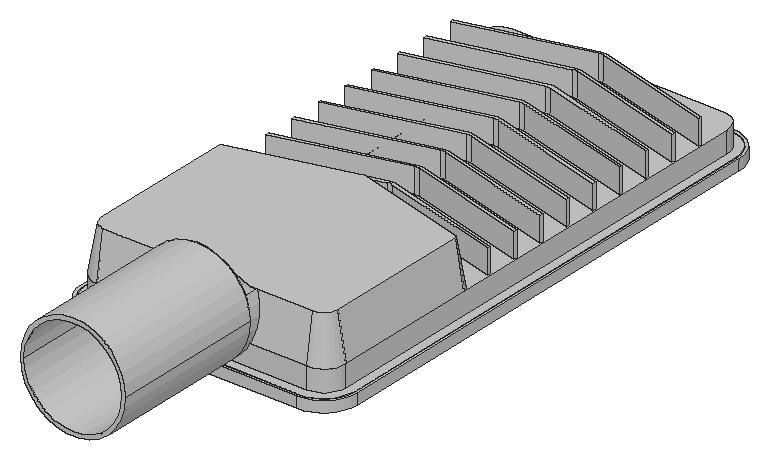
Revit family "NNYC2001288", category 照明器具, Revit 2018
Family settings
  丸型コネクタ寸法 = 直径を使用
  パーツ タイプ = 標準
  OmniClass 番号 = 23.80.70.00
  OmniClass タイトル = Lighting
  作業面ベース = はい
  常に垂直 = いいえ
  ロード時にボイドで切り取り = いいえ
  光源 = はい
  共有 = いいえ
  部屋計算ポイント = いいえ
Parameters (values of type "NNYC2001288")
  built-in parameter 1150110 = 1 (stored number, unit not read)
  長方形の長さに沿って放射 = 103 mm
  長方形の幅に沿って放射 = 154 mm
  built-in parameter 1150133 = 10 (stored number, unit not read)
  Dimming Lamp Color Temperature Shift = (empty or 0)
  説明 = "NNYC2001288"
  製造元 = "Panasonic Corp."
  built-in parameter 1150104 = 13.8 (stored number, unit not read)
  built-in parameter 1150115 = 1 (stored number, unit not read)
  built-in parameter 1150137 = 1
  built-in parameter 1150106 = 52.13 (stored number, unit not read)
  built-in parameter 1150134 = (empty or 0)
  built-in parameter 1150109 = 1 (stored number, unit not read)
  Default Elevation = 0 mm
  built-in parameter 1114218 = 1 (stored number, unit not read)
  built-in parameter 1114217 = 1 (stored number, unit not read)
  built-in parameter 1150102 = (empty or 0)
  built-in parameter 1150107 = 3000 (stored number, unit not read)
  built-in parameter 1150138 = (empty or 0)
  built-in parameter 1150132 = 2
  Lumens = 7200 lm
  built-in parameter 1150105 = 5213 (stored number, unit not read)
  Tilt Angle = 90.00°
  built-in parameter 1150139 = (empty or 0)
  Cost = 63000
  Wattage = 48.4712 W
  Emit Shape Visible in Rendering = no
  built-in parameter 1150112 = 1 (stored number, unit not read)
  built-in parameter 1150114 = 1 (stored number, unit not read)
  Lamp = ""
  モデル = "LED Street Light SP series"
  フォトメトリック Web ファイル = "NNYC2001288.ies"
  タイプの説明 = "Street Light"
  Type Image = (empty or 0)
  built-in parameter 1150113 = 1 (stored number, unit not read)
  Color Filter = 16777215
  Voltage = 230 V
  Width = 0 mm
  URL = "https://panasonic.net/electricworks/lighting/"
  Light Source = Light Source
  Height = 0 mm
  Length = 0 mm
  Body = ADC12
Reference planes
  plane 1 "Light Source Axis (F/B)": y = 0
  plane 2: z = 0
  plane 3 "Light Source Axis (L/R)": x = 0
  plane 4 "Light Source Elevation": z = 0
  plane 5: z = 14
  plane 6: y = 173.528
Forms (mm)
  Extrusion 1, solid, material "ADC12" <- "Body"
    sketch origin (0, 0, 0) x (1, 0, 0) y (0, 0, 1)
      loop
        circle (0, 0) r 32
      loop
        circle (0, 0) r 34.5
    from -101 to 0
  Extrusion 2, solid, material "ADC12" <- "Body"
    sketch origin (0, 0, 0) x (1, 0, 0) y (0, 1, 0)
      loop
        arc (90, 430.481) -> (83.565, 446.016) -> (68.03, 452.451) r 21.97
        line (68.03, 452.451) -> (-69.59, 452.395)
        arc (-69.59, 452.395) -> (-84.107, 445.454) -> (-90, 430.481) r 21.97
        line (-90, 430.481) -> (-90, 119.469)
        arc (-90, 119.469) -> (-84.107, 104.496) -> (-69.59, 97.555) r 21.97
        line (-69.59, 97.555) -> (68.03, 97.499)
        arc (68.03, 97.499) -> (83.565, 103.934) -> (90, 119.469) r 21.97
        line (90, 119.469) -> (90, 430.481)
      loop
        arc (88, 430.481) -> (82.151, 444.602) -> (68.031, 450.451) r 19.97
        line (68.031, 450.451) -> (-69.517, 450.395)
        arc (-69.517, 450.395) -> (-82.667, 444.066) -> (-88, 430.481) r 19.97
        line (-88, 430.481) -> (-88, 119.469)
        arc (-88, 119.469) -> (-82.667, 105.884) -> (-69.517, 99.555) r 19.97
        line (-69.517, 99.555) -> (68.031, 99.499)
        arc (68.031, 99.499) -> (82.151, 105.349) -> (88, 119.469) r 19.97
        line (88, 119.469) -> (88, 430.481)
    from -37 to -29.843
  Extrusion 3, solid, material "ADC12" <- "Body"
    sketch origin (0, 0, 0) x (1, 0, 0) y (0, 1, 0)
      loop
        arc (88, 430.481) -> (82.151, 444.602) -> (68.031, 450.451) r 19.97
        line (68.031, 450.451) -> (-69.517, 450.395)
        arc (-69.517, 450.395) -> (-82.667, 444.066) -> (-88, 430.481) r 19.97
        line (-88, 430.481) -> (-88, 119.469)
        arc (-88, 119.469) -> (-82.667, 105.884) -> (-69.517, 99.555) r 19.97
        line (-69.517, 99.555) -> (68.031, 99.499)
        arc (68.031, 99.499) -> (82.151, 105.349) -> (88, 119.469) r 19.97
        line (88, 119.469) -> (88, 430.481)
      loop
        arc (56.009, 245.872) -> (60.301, 247.787) -> (61.741, 252.26) r 5.766
        line (61.741, 252.26) -> (61.741, 417.74)
        arc (61.741, 417.74) -> (60.301, 422.213) -> (56.009, 424.128) r 5.766
        line (56.009, 424.128) -> (-56.009, 424.128)
        arc (-56.009, 424.128) -> (-60.301, 422.213) -> (-61.741, 417.74) r 5.766
        line (-61.741, 417.74) -> (-61.741, 252.26)
        arc (-61.741, 252.26) -> (-60.301, 247.787) -> (-56.009, 245.872) r 5.766
        line (-56.009, 245.872) -> (56.009, 245.872)
    from -29.843 to -37
  Extrusion 4, solid, material "Light Source" <- "Light Source"
    sketch origin (500, 0, 0) x (1, 0, 0) y (0, 1, 0)
      loop
        arc (-450.5, 258) -> (-449.086, 258.586) -> (-448.5, 260) r 2
        line (-448.5, 260) -> (-448.5, 410)
        arc (-448.5, 410) -> (-449.086, 411.414) -> (-450.5, 412) r 2
        line (-450.5, 412) -> (-549.5, 412)
        arc (-549.5, 412) -> (-550.914, 411.414) -> (-551.5, 410) r 2
        line (-551.5, 410) -> (-551.5, 260)
        arc (-551.5, 260) -> (-550.914, 258.586) -> (-549.5, 258) r 2
        line (-549.5, 258) -> (-450.5, 258)
    from -22.8 to -21.2
  Extrusion 5, solid, material "ADC12" <- "Body"
    sketch origin (0, 0, 0) x (1, 0, 0) y (0, 1, 0)
      loop
        arc (-69.272, 444.395) -> (-78.338, 439.91) -> (-82, 430.481) r 13.97
        line (-82, 430.481) -> (-82, 119.469)
        arc (-82, 119.469) -> (-78.338, 110.04) -> (-69.272, 105.555) r 13.97
        line (-69.272, 105.555) -> (68.025, 105.499)
        arc (68.025, 105.499) -> (77.906, 109.589) -> (82, 119.469) r 13.97
        line (82, 119.469) -> (82, 430.481)
        arc (82, 430.481) -> (77.909, 440.359) -> (68.032, 444.451) r 13.97
        line (68.032, 444.451) -> (-69.272, 444.395)
    from -29.843 to -16
  Blend 6, solid, material "ADC12" <- "Body"
    base sketch origin (0, 0, 0) x (1, 0, 0) y (0, 1, 0)
      loop
        line (-69.272, 105.555) -> (68.025, 105.499)
        arc (68.025, 105.499) -> (77.906, 109.589) -> (82, 119.469) r 13.97
        line (82, 119.469) -> (82, 215.805)
        arc (82, 215.805) -> (80.575, 219.47) -> (77.403, 221.795) r 7.027
        line (77.403, 221.795) -> (2.079, 241.979)
        arc (2.079, 241.979) -> (0, 242.197) -> (-2.079, 241.979) r 10
        line (-2.079, 241.979) -> (-77.403, 221.795)
        arc (-77.403, 221.795) -> (-80.575, 219.47) -> (-82, 215.805) r 7.027
        line (-82, 215.805) -> (-82, 119.469)
        arc (-82, 119.469) -> (-78.338, 110.04) -> (-69.272, 105.555) r 13.97
    top sketch origin (0, 0, 0) x (1, 0, 0) y (0, 1, 0)
      loop
        line (75.835, 217.039) -> (0.933, 237.109)
        arc (0.933, 237.109) -> (0, 237.197) -> (-0.933, 237.109) r 5
        line (-0.933, 237.109) -> (-75.835, 217.039)
        arc (-75.835, 217.039) -> (-76.608, 216.426) -> (-77, 215.521) r 2.027
        line (-77, 215.521) -> (-77, 119.469)
        arc (-77, 119.469) -> (-74.715, 113.488) -> (-69.024, 110.555) r 8.97
        line (-69.024, 110.555) -> (68.027, 110.499)
        arc (68.027, 110.499) -> (74.372, 113.125) -> (77, 119.469) r 8.97
        line (77, 119.469) -> (77, 215.521)
        arc (77, 215.521) -> (76.608, 216.426) -> (75.835, 217.039) r 2.027
    from -16 to 14
  Blend 7, void
    base sketch origin (0, 0, 0) x (1, 0, 0) y (0, 1, 0)
      loop
        line (-56.009, 247.472) -> (56.009, 247.472)
        arc (56.009, 247.472) -> (59.136, 248.885) -> (60.141, 252.166) r 4.166
        line (60.141, 252.166) -> (60.141, 417.834)
        arc (60.141, 417.834) -> (59.136, 421.115) -> (56.009, 422.528) r 4.166
        line (56.009, 422.528) -> (-56.009, 422.528)
        arc (-56.009, 422.528) -> (-59.136, 421.115) -> (-60.141, 417.834) r 4.166
        line (-60.141, 417.834) -> (-60.141, 252.166)
        arc (-60.141, 252.166) -> (-59.136, 248.885) -> (-56.009, 247.472) r 4.166
    top sketch origin (0, 0, 0) x (1, 0, 0) y (0, 1, 0)
      loop
        arc (49.5, 256.8) -> (51.763, 257.737) -> (52.7, 260) r 3.2
        line (52.7, 260) -> (52.7, 410)
        arc (52.7, 410) -> (51.763, 412.263) -> (49.5, 413.2) r 3.2
        line (49.5, 413.2) -> (-49.5, 413.2)
        arc (-49.5, 413.2) -> (-51.763, 412.263) -> (-52.7, 410) r 3.2
        line (-52.7, 410) -> (-52.7, 260)
        arc (-52.7, 260) -> (-51.763, 257.737) -> (-49.5, 256.8) r 3.2
        line (-49.5, 256.8) -> (49.5, 256.8)
    from -29.843 to -22.8
  Extrusion 8, void
    sketch origin (500, 0, 0) x (1, 0, 0) y (0, 1, 0)
      loop
        arc (-450.5, 258) -> (-449.086, 258.586) -> (-448.5, 260) r 2
        line (-448.5, 260) -> (-448.5, 410)
        arc (-448.5, 410) -> (-449.086, 411.414) -> (-450.5, 412) r 2
        line (-450.5, 412) -> (-549.5, 412)
        arc (-549.5, 412) -> (-550.914, 411.414) -> (-551.5, 410) r 2
        line (-551.5, 410) -> (-551.5, 260)
        arc (-551.5, 260) -> (-550.914, 258.586) -> (-549.5, 258) r 2
        line (-549.5, 258) -> (-450.5, 258)
    from -22.8 to -21.2
  Extrusion 9, solid, material "ADC12" <- "Body"
    sketch origin (0, 0, 0) x (1, 0, 0) y (0, 1, 0)
      loop
        line (-2.079, 259.946) -> (-80.903, 238.826) -> (-80.903, 236.755) -> (-1.615, 258)
        arc (-1.615, 258) -> (0, 258.165) -> (1.615, 258) r 8
        line (1.615, 258) -> (80.903, 236.755) -> (80.903, 238.826) -> (2.079, 259.946)
        arc (2.079, 259.946) -> (0, 260.165) -> (-2.079, 259.946) r 10
      loop
        line (-2.079, 281.446) -> (-80.903, 260.326) -> (-80.903, 258.255) -> (-1.615, 279.5)
        arc (-1.615, 279.5) -> (0, 279.665) -> (1.615, 279.5) r 8
        line (1.615, 279.5) -> (80.903, 258.255) -> (80.903, 260.326) -> (2.079, 281.446)
        arc (2.079, 281.446) -> (0, 281.665) -> (-2.079, 281.446) r 10
      loop
        line (-2.079, 302.946) -> (-80.903, 281.826) -> (-80.903, 279.755) -> (-1.615, 301)
        arc (-1.615, 301) -> (0, 301.165) -> (1.615, 301) r 8
        line (1.615, 301) -> (80.903, 279.755) -> (80.903, 281.826) -> (2.079, 302.946)
        arc (2.079, 302.946) -> (0, 303.165) -> (-2.079, 302.946) r 10
      loop
        line (-2.079, 324.446) -> (-80.903, 303.326) -> (-80.903, 301.255) -> (-1.615, 322.5)
        arc (-1.615, 322.5) -> (0, 322.665) -> (1.615, 322.5) r 8
        line (1.615, 322.5) -> (80.903, 301.255) -> (80.903, 303.326) -> (2.079, 324.446)
        arc (2.079, 324.446) -> (0, 324.665) -> (-2.079, 324.446) r 10
      loop
        line (-2.079, 345.946) -> (-80.903, 324.826) -> (-80.903, 322.755) -> (-1.615, 344)
        arc (-1.615, 344) -> (0, 344.165) -> (1.615, 344) r 8
        line (1.615, 344) -> (80.903, 322.755) -> (80.903, 324.826) -> (2.079, 345.946)
        arc (2.079, 345.946) -> (0, 346.165) -> (-2.079, 345.946) r 10
      loop
        line (-2.079, 367.446) -> (-80.903, 346.326) -> (-80.903, 344.255) -> (-1.615, 365.5)
        arc (-1.615, 365.5) -> (0, 365.665) -> (1.615, 365.5) r 8
        line (1.615, 365.5) -> (80.903, 344.255) -> (80.903, 346.326) -> (2.079, 367.446)
        arc (2.079, 367.446) -> (0, 367.665) -> (-2.079, 367.446) r 10
      loop
        line (-2.079, 388.946) -> (-80.903, 367.826) -> (-80.903, 365.755) -> (-1.615, 387)
        arc (-1.615, 387) -> (0, 387.165) -> (1.615, 387) r 8
        line (1.615, 387) -> (80.903, 365.755) -> (80.903, 367.826) -> (2.079, 388.946)
        arc (2.079, 388.946) -> (0, 389.165) -> (-2.079, 388.946) r 10
      loop
        line (-2.079, 410.446) -> (-80.903, 389.326) -> (-80.903, 387.255) -> (-1.615, 408.5)
        arc (-1.615, 408.5) -> (0, 408.665) -> (1.615, 408.5) r 8
        line (1.615, 408.5) -> (80.903, 387.255) -> (80.903, 389.326) -> (2.079, 410.446)
        arc (2.079, 410.446) -> (0, 410.665) -> (-2.079, 410.446) r 10
      loop
        line (-2.079, 431.946) -> (-80.903, 410.826) -> (-80.903, 408.755) -> (-1.615, 430)
        arc (-1.615, 430) -> (0, 430.165) -> (1.615, 430) r 8
        line (1.615, 430) -> (80.903, 408.755) -> (80.903, 410.826) -> (2.079, 431.946)
        arc (2.079, 431.946) -> (0, 432.165) -> (-2.079, 431.946) r 10
    from -16 to 0
  Blend 10, solid, material "ADC12" <- "Body"
    base sketch origin (0, 0, 0) x (1, 0, 0) y (0, 0, 1)
      loop
        arc (-31.532, 14) -> (0, -34.5) -> (31.532, 14) r 34.5
        arc (31.532, 14) -> (0, 34.5) -> (-31.532, 14) r 34.5
    top sketch origin (0, 0, 0) x (1, 0, 0) y (0, 0, 1)
      loop
        line (31.532, 14) -> (-31.532, 14)
        arc (-31.532, 14) -> (0, -34.5) -> (31.532, 14) r 34.5
    from -101 to -110.528
Cuts and joins
  Blend 7, Extrusion 8 cuts Extrusion 5
  joined: Extrusion 1, Extrusion 3, Extrusion 5, Blend 6, Extrusion 9
Dimensions and locks
  aligned and locked: level to plane 2
Connectors
  electrical at (0, 173.528, 14)
    settings: on plane 5, index 1, voltage 0 V, apparent load 0 VA, apparent load phase1 0 VA, apparent load phase2 0 VA, apparent load phase3 0 VA, power factor 1, load classification "Other", number of poles 1, system type 30, power factor state 1, is connector primary yes, connector utility no, sub classification motor no, connector description ""
